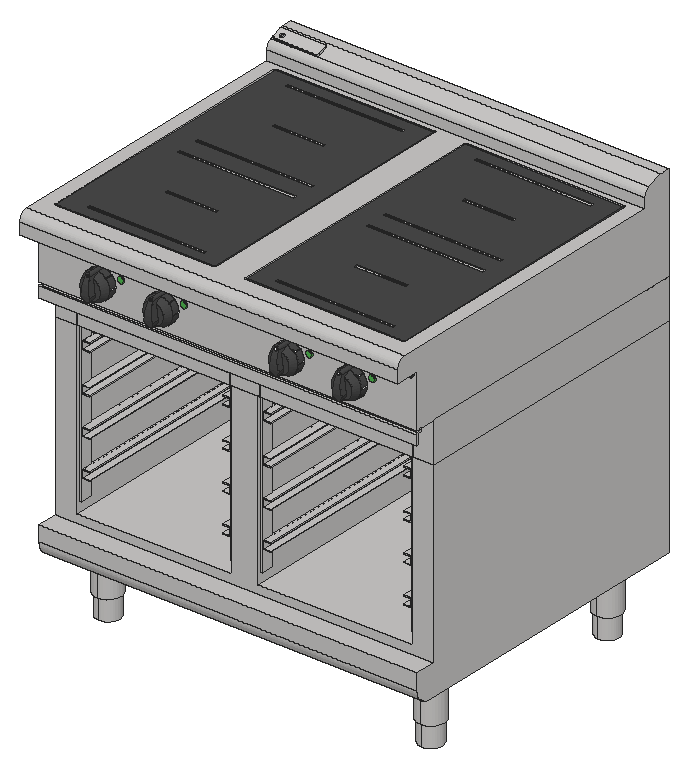
Revit family "QF_Moffat_INL8400R5-CB_Induction_Cooktop_cat", category Specialty Equipment, Revit 2019 (continued)
Definition of nested family "Knob"
  Reference planes
    plane 3 "LEFT": x = 0
    plane 4 "RIGHT": x = 65
    plane 5 "FRONT": y = -59
    plane 6 "TOP": z = 69.5
    plane 7 "Center Y": x = 32.5
    plane 8 "Center X": y = -29.5
  Forms (mm)
    Revolve 1, solid
      sketch origin (32.5, 175.397, 1219.2) x (0, 1, 0) y (0, 0, 1)
        loop
          line (-175.397, -1186.7) -> (-219.397, -1186.7) -> (-219.397, -1211.501) -> (-202.106, -1219.2) -> (-185.397, -1219.2) -> (-185.397, -1191.7) -> (-175.397, -1191.7) -> (-175.397, -1186.7)
        axis (-219.397, -1186.7) -> (-175.397, -1186.7)
      angle from 0 to 360
    Extrusion 2, solid
      sketch origin (32.5, 175.397, 1219.2) x (0, 1, 0) y (0, 0, 1)
        loop
          line (-202.106, -1154.2) -> (-185.397, -1154.2) -> (-185.397, -1149.7) -> (-224.105, -1149.7)
          arc (-224.105, -1149.7) -> (-233.965, -1178.467) -> (-230.696, -1208.7) r 70
          line (-230.696, -1208.7) -> (-219.397, -1208.7) -> (-219.397, -1161.899) -> (-202.106, -1154.2)
      from -15 to 15
    Extrusion 3, void
      sketch origin (0, 0, 0) x (1, 0, 0) y (0, 0, 1)
        loop
          line (27.501, 64.613) -> (22.02, 20.585)
          arc (22.02, 20.585) -> (32.792, 10.488) -> (42.986, 21.169) r 10.487
          line (42.986, 21.169) -> (37.499, 64.613)
          arc (37.499, 64.613) -> (32.5, 69.5) -> (27.501, 64.613) r 5
        loop
          line (10, 72.977) -> (10, 5.625) -> (55, 5.625) -> (55, 72.977) -> (10, 72.977)
      from 6.142 to 69.687
    Extrusion 4, solid
      sketch origin (0, -34.115, -16.916) x (1, 0, 0) y (0, 0.45399, 0.891007)
        loop
          circle (32.497, 65) r 2
      from 51.525 to 53.075
    Extrusion 5, solid
      sketch origin (32.5, -10, 32.5) x (0, 0, -1) y (-1, 0, 0)
        loop
          line (-23.54, -22.408) -> (-24.106, -22.974)
          arc (-24.106, -22.974) -> (-23.547, -23.547) -> (-22.974, -24.106) r 33.3
          line (-22.974, -24.106) -> (-22.408, -23.54)
          arc (-22.408, -23.54) -> (-22.981, -22.981) -> (-23.54, -22.408) r 32.5
        loop
          arc (-0.8, -33.29) -> (0, -33.3) -> (0.8, -33.29) r 33.3
          line (0.8, -33.29) -> (0.8, -32.49)
          arc (0.8, -32.49) -> (0, -32.5) -> (-0.8, -32.49) r 32.5
          line (-0.8, -32.49) -> (-0.8, -33.29)
        loop
          arc (23.54, -22.408) -> (22.981, -22.981) -> (22.408, -23.54) r 32.5
          line (22.408, -23.54) -> (22.974, -24.106)
          arc (22.974, -24.106) -> (23.547, -23.547) -> (24.106, -22.974) r 33.3
          line (24.106, -22.974) -> (23.54, -22.408)
        loop
          arc (-23.54, 22.408) -> (-22.981, 22.981) -> (-22.408, 23.54) r 32.5
          line (-22.408, 23.54) -> (-22.974, 24.106)
          arc (-22.974, 24.106) -> (-23.547, 23.547) -> (-24.106, 22.974) r 33.3
          line (-24.106, 22.974) -> (-23.54, 22.408)
        loop
          line (-0.8, 33.29) -> (-0.8, 32.49)
          arc (-0.8, 32.49) -> (0, 32.5) -> (0.8, 32.49) r 32.5
          line (0.8, 32.49) -> (0.8, 33.29)
          arc (0.8, 33.29) -> (0, 33.3) -> (-0.8, 33.29) r 33.3
        loop
          line (32.49, -0.8) -> (33.29, -0.8)
          arc (33.29, -0.8) -> (33.3, 0) -> (33.29, 0.8) r 33.3
          line (33.29, 0.8) -> (32.49, 0.8)
          arc (32.49, 0.8) -> (32.5, 0) -> (32.49, -0.8) r 32.5
        loop
          arc (24.106, 22.974) -> (23.547, 23.547) -> (22.974, 24.106) r 33.3
          line (22.974, 24.106) -> (22.408, 23.54)
          arc (22.408, 23.54) -> (22.981, 22.981) -> (23.54, 22.408) r 32.5
          line (23.54, 22.408) -> (24.106, 22.974)
      from 0 to -16.709
  Cuts and joins
    Extrusion 3 cuts Extrusion 2
  Dimensions and locks
    equal spacing: plane 3 "LEFT", plane 7 "Center Y", plane 4 "RIGHT"
    "Length": plane 3 "LEFT" to plane 4 "RIGHT"
    equal spacing: plane 5 "FRONT", plane 8 "Center X", plane 1 "BACK"
    "Depth": plane 5 "FRONT" to plane 1 "BACK"
    "Height": plane 6 "TOP" to level
    plane 4 "RIGHT" to plane 3 "LEFT" = 65 mm
    aligned and locked: level to plane 2
  Automatic sketch dimensions
    Revolve 1 sketch curve to level = 0 mm
    Revolve 1 sketch curve to plane 1 "BACK" = 0 mm  (x2)
    plane 1 "BACK" to Revolve 1 sketch curve = 10 mm
    plane 8 "Center X" to Revolve 1 sketch curve = 2.791 mm
    Revolve 1 sketch curve to plane 8 "Center X" = 14.5 mm
    level to Revolve 1 sketch curve = 7.699 mm
    level to Revolve 1 sketch curve = 27.5 mm
    Revolve 1 sketch curve to Revolve 1 sketch curve = 5 mm
    Revolve 1 sketch curve to Revolve 1 sketch curve = 35 mm
    Revolve 1 sketch curve to Revolve 1 sketch curve = 0 mm
    Extrusion 2 sketch curve to plane 6 "TOP" = 0 mm
    Extrusion 2 sketch curve to plane 5 "FRONT" = 3.702 mm
    Extrusion 2 sketch curve to plane 5 "FRONT" = 10.293 mm
    Extrusion 2 sketch curve to Extrusion 2 sketch curve = 11.298 mm
    plane 8 "Center X" to Extrusion 2 sketch curve = 2.791 mm
    plane 1 "BACK" to Extrusion 2 sketch curve = 10 mm
    Extrusion 2 sketch curve to plane 1 "BACK" = 11 mm
    Extrusion 2 sketch curve to plane 6 "TOP" = 4.5 mm
    Extrusion 2 sketch curve to plane 6 "TOP" = 12.199 mm
    level to Extrusion 2 sketch curve = 32.962 mm
    level to Extrusion 3 sketch curve = 5.625 mm
    Extrusion 3 sketch curve to plane 7 "Center Y" = 0 mm  (x2)
    Extrusion 3 sketch curve to plane 7 "Center Y" = 4.999 mm
    Extrusion 3 sketch curve to plane 7 "Center Y" = 10.48 mm
    plane 6 "TOP" to Extrusion 3 sketch curve = 3.477 mm
    plane 3 "LEFT" to Extrusion 3 sketch curve = 10 mm
    Extrusion 3 sketch curve to plane 6 "TOP" = 4.887 mm
    Extrusion 3 sketch curve to Extrusion 3 sketch curve = 4.999 mm
    plane 7 "Center Y" to Extrusion 3 sketch curve = 10.486 mm
    level to Extrusion 3 sketch curve = 20.585 mm
    Extrusion 3 sketch curve to Extrusion 3 sketch curve = 0.387 mm
    Extrusion 3 sketch curve to Extrusion 3 sketch curve = 0.113 mm
    plane 4 "RIGHT" to Extrusion 3 sketch curve = 10 mm
    Extrusion 5 sketch curve to Revolve 1 = 32.49 mm
    Revolve 1 to Extrusion 5 sketch curve = 32.49 mm
    Extrusion 5 sketch curve to Revolve 1 = 23.54 mm  (x2)
    Revolve 1 to Extrusion 5 sketch curve = 23.54 mm  (x2)
    Extrusion 5 sketch curve to Revolve 1 = 24.106 mm  (x2)
    Revolve 1 to Extrusion 5 sketch curve = 24.106 mm  (x2)
    Revolve 1 to Extrusion 5 sketch curve = 22.408 mm  (x2)
    Extrusion 5 sketch curve to Revolve 1 = 22.408 mm  (x2)
    Revolve 1 to Extrusion 5 sketch curve = 22.974 mm  (x2)
    Extrusion 5 sketch curve to Revolve 1 = 22.974 mm  (x2)
    Extrusion 5 sketch curve to Extrusion 5 sketch curve = 1.6 mm  (x2)
    Revolve 1 to Extrusion 5 sketch curve = 0.8 mm
    Extrusion 5 sketch curve to Revolve 1 = 0.8 mm
    Extrusion 4 sketch curve to plane 7 "Center Y" = 0.003 mm
    radius of Extrusion 5 sketch curve to Revolve 1 = 0 mm  (x7)
    radius of Revolve 1 to Extrusion 5 sketch curve = 0.8 mm  (x7)
    radius of Extrusion 4 sketch curve = 2 mm
Definition of nested family "QF_LOGO_Waldorf1"
  Parameters (values of type "QF_LOGO_Waldorf")
    Weight in Pounds = 0
    URL Cutsheet = ""
    Specification by User = ""
    Specification by Manufacturer = ""
    Serial Number = ""
    Seismic Rating = ""
    SMACNA No = ""
    Revision Code = ""
    NAFEM Spec ID Number = ""
    Masterspec = ""
    Length = 138 mm
    Item Number = ""
    Installed By = ""
    Identify Quantity as Lot = yes
    Height = 26.711 mm
    Furnished By = ""
    Foodservice Equipment Identifier = yes
    Depth = 3.175 mm
    CSI MasterFormat = ""
  Reference planes
    plane 1 "BACK": y = 0
    plane 2: z = 0
    plane 3 "LEFT": x = 0
    plane 4 "RIGHT": x = 138
    plane 5 "FRONT": y = -3.175
    plane 6 "TOP": z = 26.711
    plane 7 "Center Y": x = 69
    plane 8 "Center X": y = -1.587
  Forms (mm)
    Extrusion 1, solid
      sketch origin (0, 0, 0) x (1, 0, 0) y (0, 0.920505, 0.390731)
        loop
          line (109, 3.464) -> (109, 23.247)
          spline (109, 23.247) -> (108.966, 23.699) -> (108.864, 24.143) -> (108.696, 24.572) -> (108.464, 24.979) -> (108.173, 25.355) -> (107.828, 25.696) -> (107.435, 25.995) -> (107, 26.247) -> (106.531, 26.447) -> (106.035, 26.593) -> (105.522, 26.681) -> (105, 26.711)
          line (105, 26.711) -> (4, 26.711)
          spline (4, 26.711) -> (3.478, 26.681) -> (2.965, 26.593) -> (2.469, 26.447) -> (2, 26.247) -> (1.565, 25.995) -> (1.172, 25.696) -> (0.827, 25.355) -> (0.536, 24.979) -> (0.304, 24.572) -> (0.136, 24.143) -> (0.034, 23.699) -> (0, 23.247)
          line (0, 23.247) -> (0, 3.464)
          spline (0, 3.464) -> (0.034, 3.012) -> (0.136, 2.568) -> (0.304, 2.138) -> (0.536, 1.732) -> (0.827, 1.355) -> (1.172, 1.015) -> (1.565, 0.716) -> (2, 0.464) -> (2.469, 0.264) -> (2.965, 0.118) -> (3.478, 0.03) -> (4, 0)
          line (4, 0) -> (105, 0)
          spline (105, 0) -> (105.522, 0.03) -> (106.035, 0.118) -> (106.531, 0.264) -> (107, 0.464) -> (107.435, 0.716) -> (107.828, 1.015) -> (108.173, 1.355) -> (108.464, 1.732) -> (108.696, 2.138) -> (108.864, 2.568) -> (108.966, 3.012) -> (109, 3.464)
        loop
          line (14.75, 7.005) -> (14.75, 15.654)
          arc (14.75, 15.654) -> (10.425, 11.329) -> (14.75, 7.005) r 4.325
        loop
          line (15.25, 15.654) -> (15.25, 7.005)
          arc (15.25, 7.005) -> (19.575, 11.329) -> (15.25, 15.654) r 4.325
      from 0 to 3.2
    Extrusion 2, solid
      sketch origin (0, 0, 0) x (1, 0, 0) y (0, 0.920505, 0.390731)
        loop
          line (15.25, 15.654) -> (15.25, 7.005)
          arc (15.25, 7.005) -> (19.575, 11.329) -> (15.25, 15.654) r 4.325
      from 0 to 3.2
    Extrusion 3, solid
      sketch origin (16.271, 0, 0) x (-1, 0, 0) y (0, -0.920505, -0.390731)
        loop
          arc (1.521, -15.654) -> (5.846, -11.329) -> (1.521, -7.005) r 4.325
          line (1.521, -7.005) -> (1.521, -15.654)
      from 0 to 3.2
  Lines and regions (mm)
    Split face 1
      outline origin (0, -1.25, 2.946) x (1, 0, 0) y (0, 0.920505, 0.390731)
        loop
          spline (22.129, 16.975) -> (22.389, 15.984) -> (22.649, 15.002) -> (22.91, 14.028) -> (23.172, 13.065) -> (23.433, 12.11) -> (23.695, 11.166) -> (23.956, 10.232) -> (24.218, 9.308) -> (24.479, 8.396) -> (24.74, 7.495) -> (25, 6.605) -> (25.26, 5.728)
          line (25.26, 5.728) -> (29.463, 5.728)
          spline (29.463, 5.728) -> (29.582, 6.252) -> (29.701, 6.78) -> (29.82, 7.313) -> (29.939, 7.85) -> (30.058, 8.391) -> (30.178, 8.936) -> (30.297, 9.485) -> (30.416, 10.038) -> (30.536, 10.594) -> (30.655, 11.155) -> (30.775, 11.719) -> (30.894, 12.287)
          spline (30.894, 12.287) -> (31.018, 11.719) -> (31.142, 11.155) -> (31.266, 10.594) -> (31.39, 10.038) -> (31.514, 9.485) -> (31.638, 8.936) -> (31.762, 8.391) -> (31.885, 7.85) -> (32.009, 7.313) -> (32.133, 6.78) -> (32.256, 6.252) -> (32.379, 5.728)
          line (32.379, 5.728) -> (36.51, 5.728)
          spline (36.51, 5.728) -> (36.766, 6.605) -> (37.023, 7.495) -> (37.28, 8.396) -> (37.538, 9.308) -> (37.795, 10.232) -> (38.053, 11.166) -> (38.311, 12.11) -> (38.569, 13.065) -> (38.826, 14.028) -> (39.083, 15.002) -> (39.34, 15.984) -> (39.597, 16.975)
          line (39.597, 16.975) -> (35.637, 16.975)
          spline (35.637, 16.975) -> (35.523, 16.334) -> (35.41, 15.697) -> (35.296, 15.063) -> (35.182, 14.433) -> (35.068, 13.807) -> (34.954, 13.185) -> (34.84, 12.566) -> (34.726, 11.952) -> (34.612, 11.342) -> (34.497, 10.737) -> (34.383, 10.135) -> (34.269, 9.538)
          spline (34.269, 9.538) -> (34.138, 10.135) -> (34.008, 10.737) -> (33.877, 11.342) -> (33.746, 11.952) -> (33.616, 12.566) -> (33.485, 13.185) -> (33.354, 13.807) -> (33.224, 14.433) -> (33.093, 15.063) -> (32.963, 15.697) -> (32.833, 16.334) -> (32.703, 16.975)
          line (32.703, 16.975) -> (29.247, 16.975)
          spline (29.247, 16.975) -> (29.111, 16.334) -> (28.974, 15.697) -> (28.837, 15.063) -> (28.7, 14.433) -> (28.562, 13.807) -> (28.425, 13.185) -> (28.288, 12.566) -> (28.15, 11.952) -> (28.013, 11.342) -> (27.875, 10.737) -> (27.738, 10.135) -> (27.6, 9.538)
          spline (27.6, 9.538) -> (27.483, 10.135) -> (27.366, 10.737) -> (27.249, 11.342) -> (27.132, 11.952) -> (27.015, 12.566) -> (26.897, 13.185) -> (26.78, 13.807) -> (26.663, 14.433) -> (26.546, 15.063) -> (26.43, 15.697) -> (26.313, 16.334) -> (26.196, 16.975)
          line (26.196, 16.975) -> (22.129, 16.975)
    Split face 2
      outline origin (0, -1.25, 2.946) x (1, 0, 0) y (0, 0.920505, 0.390731)
        loop
          line (51.449, 5.728) -> (51.035, 6.606) -> (51.035, 11.169)
          spline (51.035, 11.169) -> (50.686, 12.42) -> (50.176, 13.224) -> (49.51, 13.708) -> (48.693, 13.995) -> (47.747, 14.152) -> (46.698, 14.207) -> (45.579, 14.186) -> (44.419, 14.114) -> (43.279, 13.929) -> (42.249, 13.481) -> (41.424, 12.614) -> (40.897, 11.169)
          line (40.897, 11.169) -> (44.617, 11.169) -> (44.988, 11.965)
          spline (44.988, 11.965) -> (47.294, 11.682) -> (46.856, 10.932) -> (45.527, 10.609) -> (43.858, 10.439) -> (42.259, 10.123) -> (41.078, 9.417) -> (40.563, 8.246) -> (40.689, 6.989) -> (41.407, 6.052) -> (42.774, 5.536) -> (44.847, 5.497) -> (47.306, 6.602)
          line (47.306, 6.602) -> (47.624, 5.728) -> (51.449, 5.728)
    Split face 3
      outline origin (0, -1.25, 2.946) x (1, 0, 0) y (0, 0.920505, 0.390731)
        loop
          line (47.264, 9.264) -> (44.938, 8.597)
          spline (44.938, 8.597) -> (44.508, 8.228) -> (44.402, 7.9) -> (44.548, 7.626) -> (44.877, 7.42) -> (45.317, 7.295) -> (45.797, 7.265) -> (46.252, 7.342) -> (46.65, 7.525) -> (46.971, 7.813) -> (47.194, 8.201) -> (47.298, 8.685) -> (47.264, 9.264)
    Split face 4
      outline origin (0, -1.25, 2.946) x (1, 0, 0) y (0, 0.920505, 0.390731)
        loop
          line (53.33, 16.975) -> (53.33, 5.728) -> (57.173, 5.728) -> (57.173, 16.975) -> (53.33, 16.975)
    Split face 5
      outline origin (0, -1.25, 2.946) x (1, 0, 0) y (0, 0.920505, 0.390731)
        loop
          line (65.795, 16.975) -> (65.795, 12.976)
          spline (65.795, 12.976) -> (63.839, 14.082) -> (62.087, 14.096) -> (60.633, 13.343) -> (59.574, 12.148) -> (58.99, 10.806) -> (58.867, 9.452) -> (59.156, 8.159) -> (59.81, 7) -> (60.786, 6.056) -> (62.111, 5.514) -> (63.868, 5.634) -> (66.137, 6.679)
          line (66.137, 6.679) -> (66.137, 5.728) -> (69.511, 5.728) -> (69.511, 16.975) -> (65.795, 16.975)
    Split face 6
      outline origin (0, -1.25, 2.946) x (1, 0, 0) y (0, 0.920505, 0.390731)
        loop
          spline (64.273, 7.499) -> (64.754, 7.57) -> (65.202, 7.777) -> (65.587, 8.106) -> (65.882, 8.535) -> (66.067, 9.034) -> (66.131, 9.57) -> (66.067, 10.106) -> (65.882, 10.605) -> (65.587, 11.034) -> (65.202, 11.363) -> (64.754, 11.57) -> (64.273, 11.64)
          spline (64.273, 11.64) -> (63.793, 11.57) -> (63.345, 11.363) -> (62.96, 11.034) -> (62.665, 10.605) -> (62.479, 10.106) -> (62.416, 9.57) -> (62.479, 9.034) -> (62.665, 8.535) -> (62.96, 8.106) -> (63.345, 7.777) -> (63.793, 7.57) -> (64.273, 7.499)
    Split face 7
      outline origin (0, -1.25, 2.946) x (1, 0, 0) y (0, 0.920505, 0.390731)
        loop
          spline (76.449, 5.305) -> (77.855, 5.457) -> (79.166, 5.901) -> (80.291, 6.607) -> (81.155, 7.527) -> (81.698, 8.599) -> (81.883, 9.749) -> (81.698, 10.899) -> (81.155, 11.97) -> (80.291, 12.891) -> (79.166, 13.597) -> (77.855, 14.041) -> (76.449, 14.192)
          spline (76.449, 14.192) -> (75.042, 14.041) -> (73.731, 13.597) -> (72.606, 12.891) -> (71.742, 11.97) -> (71.199, 10.899) -> (71.014, 9.749) -> (71.199, 8.599) -> (71.742, 7.527) -> (72.606, 6.607) -> (73.731, 5.901) -> (75.042, 5.457) -> (76.449, 5.305)
    Split face 8
      outline origin (0, -1.25, 2.946) x (1, 0, 0) y (0, 0.920505, 0.390731)
        loop
          spline (76.449, 7.654) -> (76.841, 7.725) -> (77.206, 7.934) -> (77.52, 8.267) -> (77.76, 8.701) -> (77.912, 9.206) -> (77.963, 9.749) -> (77.912, 10.291) -> (77.76, 10.796) -> (77.52, 11.23) -> (77.206, 11.563) -> (76.841, 11.772) -> (76.449, 11.843)
          spline (76.449, 11.843) -> (76.057, 11.772) -> (75.691, 11.563) -> (75.378, 11.23) -> (75.137, 10.796) -> (74.986, 10.291) -> (74.934, 9.749) -> (74.986, 9.206) -> (75.137, 8.701) -> (75.378, 8.267) -> (75.691, 7.934) -> (76.057, 7.725) -> (76.449, 7.654)
    Split face 9
      outline origin (0, -1.25, 2.946) x (1, 0, 0) y (0, 0.920505, 0.390731)
        loop
          line (86.998, 12.335) -> (86.998, 13.879) -> (83.479, 13.879) -> (83.479, 5.728) -> (87.312, 5.728) -> (87.312, 8.975)
          spline (87.312, 8.975) -> (87.364, 9.356) -> (87.458, 9.686) -> (87.594, 9.968) -> (87.769, 10.204) -> (87.982, 10.398) -> (88.229, 10.55) -> (88.509, 10.666) -> (88.82, 10.746) -> (89.16, 10.794) -> (89.525, 10.812) -> (89.915, 10.803) -> (90.327, 10.77)
          line (90.327, 10.77) -> (90.327, 14.113)
          spline (90.327, 14.113) -> (89.929, 14.127) -> (89.552, 14.111) -> (89.197, 14.066) -> (88.865, 13.991) -> (88.554, 13.887) -> (88.266, 13.754) -> (87.999, 13.591) -> (87.755, 13.399) -> (87.532, 13.177) -> (87.332, 12.926) -> (87.154, 12.645) -> (86.998, 12.335)
    Split face 10
      outline origin (0, -1.25, 2.946) x (1, 0, 0) y (0, 0.920505, 0.390731)
        loop
          line (92.082, 13.879) -> (90.894, 13.879) -> (90.894, 11.972) -> (92.082, 11.972) -> (92.082, 5.728) -> (95.871, 5.728) -> (95.871, 11.972) -> (97.5, 11.972) -> (97.5, 13.879) -> (95.871, 13.879)
          spline (95.871, 13.879) -> (95.843, 14.088) -> (95.845, 14.278) -> (95.877, 14.447) -> (95.939, 14.596) -> (96.03, 14.726) -> (96.151, 14.835) -> (96.301, 14.925) -> (96.482, 14.995) -> (96.692, 15.045) -> (96.931, 15.075) -> (97.201, 15.085) -> (97.5, 15.076)
          line (97.5, 15.076) -> (97.5, 17.266) -> (95.367, 17.266)
          spline (95.367, 17.266) -> (94.982, 17.253) -> (94.58, 17.21) -> (94.174, 17.132) -> (93.774, 17.013) -> (93.39, 16.846) -> (93.034, 16.627) -> (92.717, 16.349) -> (92.448, 16.007) -> (92.24, 15.595) -> (92.102, 15.106) -> (92.046, 14.537) -> (92.082, 13.879)
  Dimensions and locks
    equal spacing: plane 3 "LEFT", plane 7 "Center Y", plane 4 "RIGHT"
    "Length": plane 3 "LEFT" to plane 4 "RIGHT"
    equal spacing: plane 5 "FRONT", plane 8 "Center X", plane 1 "BACK"
    "Depth": plane 5 "FRONT" to plane 1 "BACK"
    "Height": plane 6 "TOP" to level
    plane 4 "RIGHT" to plane 3 "LEFT" = 138 mm
    aligned and locked: level to plane 2
  Automatic sketch dimensions
    Extrusion 1 sketch curve to plane 3 "LEFT" = 0 mm
    plane 3 "LEFT" to Extrusion 1 sketch curve = 4 mm  (x2)
    Extrusion 1 sketch curve to Extrusion 1 sketch curve = 10.75 mm
    Extrusion 1 sketch curve to Extrusion 1 sketch curve = 0.5 mm
    plane 4 "RIGHT" to Extrusion 1 sketch curve = 33 mm
    Extrusion 1 sketch curve to Extrusion 1 sketch curve = 0 mm  (x3)
    Extrusion 1 sketch curve to Extrusion 1 sketch curve = 4 mm
    Extrusion 1 sketch curve to Extrusion 1 sketch curve = 3.464 mm  (x3)
    Extrusion 1 sketch curve to Extrusion 1 sketch curve = 3.541 mm
    Extrusion 1 sketch curve to Extrusion 1 sketch curve = 4.325 mm
    Extrusion 1 sketch curve to Extrusion 1 sketch curve = 19.783 mm
    Extrusion 1 sketch curve to Extrusion 1 sketch curve = 7.592 mm
    plane 3 "LEFT" to Extrusion 2 sketch curve = 15.25 mm
    Extrusion 2 sketch curve to Extrusion 2 sketch curve = 4.325 mm
    plane 3 "LEFT" to Extrusion 3 sketch curve = 14.75 mm
    Extrusion 3 sketch curve to Extrusion 3 sketch curve = 4.325 mm
    Extrusion 1 to Split face 1 sketch curve = 6.879 mm
    Split face 1 sketch curve to Extrusion 1 = 5.728 mm
    Split face 1 sketch curve to Split face 1 sketch curve = 3.132 mm
    Split face 1 sketch curve to Split face 1 sketch curve = 4.068 mm
    Split face 1 sketch curve to Split face 1 sketch curve = 3.051 mm
    Split face 1 sketch curve to Split face 1 sketch curve = 4.203 mm
    Split face 1 sketch curve to Split face 1 sketch curve = 2.916 mm
    Split face 1 sketch curve to Split face 1 sketch curve = 3.456 mm
    Split face 1 sketch curve to Split face 1 sketch curve = 2.934 mm
    Split face 1 sketch curve to Split face 1 sketch curve = 4.131 mm
    Split face 1 sketch curve to Split face 1 sketch curve = 3.96 mm
    Split face 1 sketch curve to Split face 1 sketch curve = 0 mm  (x2)
    Split face 1 sketch curve to Extrusion 1 = 9.736 mm  (x2)
    Extrusion 1 to Split face 1 sketch curve = 6.337 mm
    Extrusion 1 to Split face 1 sketch curve = 6.231 mm
    Extrusion 1 to Split face 1 sketch curve = 3.184 mm
    Extrusion 1 to Split face 1 sketch curve = 13.135 mm
    Split face 1 sketch curve to Split face 1 sketch curve = 4.652 mm
    Split face 1 sketch curve to Split face 1 sketch curve = 3.593 mm
    Split face 1 sketch curve to Split face 1 sketch curve = 1.863 mm
    Split face 1 sketch curve to Split face 1 sketch curve = 0.713 mm
    Split face 1 sketch curve to Split face 1 sketch curve = 2.684 mm
    Split face 1 sketch curve to Split face 1 sketch curve = 3.294 mm
    Split face 1 sketch curve to Split face 1 sketch curve = 0.459 mm
    Split face 1 sketch curve to Split face 1 sketch curve = 2.775 mm
    Split face 1 sketch curve to Split face 1 sketch curve = 1.89 mm
    Split face 1 sketch curve to Split face 1 sketch curve = 0.685 mm
    Split face 1 sketch curve to Split face 1 sketch curve = 9.486 mm
    Split face 1 sketch curve to Split face 1 sketch curve = 16.213 mm
    Split face 1 sketch curve to Split face 1 sketch curve = 3.48 mm
    Split face 1 sketch curve to Split face 1 sketch curve = 4.918 mm
    Split face 1 sketch curve to Split face 1 sketch curve = 7.609 mm
    Split face 1 sketch curve to Split face 1 sketch curve = 0.01 mm  (x2)
    Split face 1 sketch curve to Split face 1 sketch curve = 0.002 mm
    Split face 2 sketch curve to Extrusion 1 = 11.169 mm
    Extrusion 1 to Split face 2 sketch curve = 25.647 mm
    Split face 2 sketch curve to Split face 2 sketch curve = 3.72 mm
    Split face 2 sketch curve to Extrusion 1 = 11.965 mm
    Split face 2 sketch curve to Split face 2 sketch curve = 0.371 mm
    Split face 2 sketch curve to Extrusion 1 = 6.602 mm
    Split face 2 sketch curve to Split face 2 sketch curve = 2.689 mm
    Split face 2 sketch curve to Split face 2 sketch curve = 0.318 mm
    Split face 2 sketch curve to Split face 2 sketch curve = 3.729 mm
    Split face 2 sketch curve to Split face 2 sketch curve = 0.414 mm
    Split face 2 sketch curve to Split face 2 sketch curve = 0.875 mm
    Split face 2 sketch curve to Split face 2 sketch curve = 0.878 mm
    Split face 3 sketch curve to Extrusion 1 = 8.597 mm
    Extrusion 1 to Split face 3 sketch curve = 29.688 mm
    Split face 3 sketch curve to Extrusion 1 = 9.264 mm
    Split face 3 sketch curve to Split face 3 sketch curve = 2.326 mm
    Split face 4 sketch curve to Extrusion 1 = 5.728 mm
    Extrusion 1 to Split face 4 sketch curve = 38.08 mm
    Split face 4 sketch curve to Split face 4 sketch curve = 3.843 mm
    Split face 4 sketch curve to Extrusion 1 = 9.736 mm
    Split face 5 sketch curve to Extrusion 1 = 9.736 mm
    Split face 5 sketch curve to Extrusion 1 = 43.205 mm
    Split face 5 sketch curve to Extrusion 1 = 6.679 mm
    Split face 5 sketch curve to Split face 5 sketch curve = 0.342 mm
    Split face 5 sketch curve to Split face 5 sketch curve = 3.375 mm
    Split face 5 sketch curve to Split face 5 sketch curve = 0.952 mm
    Split face 5 sketch curve to Split face 5 sketch curve = 3.998 mm
    Split face 6 sketch curve to Extrusion 1 = 7.499 mm
    Split face 6 sketch curve to Extrusion 1 = 44.727 mm
    Split face 6 sketch curve to Split face 6 sketch curve = 2.07 mm
    Split face 7 sketch curve to Extrusion 1 = 5.305 mm
    Split face 7 sketch curve to Extrusion 1 = 32.551 mm
    Split face 7 sketch curve to Split face 7 sketch curve = 4.443 mm
    Split face 8 sketch curve to Extrusion 1 = 7.654 mm
    Split face 8 sketch curve to Extrusion 1 = 32.551 mm
    Split face 8 sketch curve to Split face 8 sketch curve = 2.095 mm
    Split face 9 sketch curve to Extrusion 1 = 5.728 mm
    Split face 9 sketch curve to Extrusion 1 = 25.521 mm
    Split face 9 sketch curve to Split face 9 sketch curve = 3.519 mm
    Split face 9 sketch curve to Split face 9 sketch curve = 0.315 mm
    Split face 9 sketch curve to Split face 9 sketch curve = 3.33 mm
    Split face 9 sketch curve to Split face 9 sketch curve = 3.248 mm
    Split face 9 sketch curve to Split face 9 sketch curve = 1.795 mm
    Split face 9 sketch curve to Split face 9 sketch curve = 3.36 mm
    Split face 9 sketch curve to Split face 9 sketch curve = 1.545 mm
    Split face 9 sketch curve to Split face 9 sketch curve = 0.233 mm
    Split face 10 sketch curve to Extrusion 1 = 18.106 mm
    Split face 10 sketch curve to Split face 10 sketch curve = 1.188 mm  (x2)
    Split face 10 sketch curve to Split face 10 sketch curve = 3.285 mm
    Split face 10 sketch curve to Split face 10 sketch curve = 3.789 mm
    Split face 10 sketch curve to Split face 10 sketch curve = 0 mm  (x2)
    Split face 10 sketch curve to Split face 10 sketch curve = 1.629 mm
    Split face 10 sketch curve to Split face 10 sketch curve = 2.133 mm
    Split face 10 sketch curve to Extrusion 1 = 5.728 mm
    Split face 10 sketch curve to Split face 10 sketch curve = 6.245 mm
    Split face 10 sketch curve to Split face 10 sketch curve = 1.907 mm  (x2)
    Split face 10 sketch curve to Split face 10 sketch curve = 1.197 mm
    Split face 10 sketch curve to Split face 10 sketch curve = 2.19 mm
Types (2, lengths in mm): name | Volts | Cycle | Apparent Power
  INL8400R5-CB_415/60/3 | 415 V | 60 Hz | 20102.6 VA
  INL8400R5-CB_400/50/3 | 400 V | 50 Hz | 19376 VA
